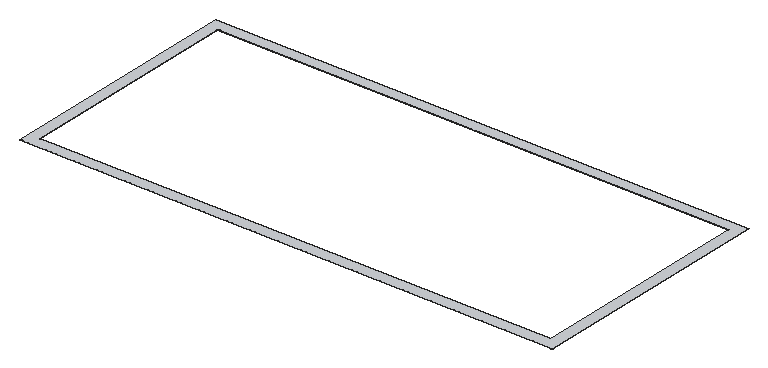
Revit family "测试-停车位", category 停车场, Revit 2018
Family settings
  基于工作平面 = 否
  总是垂直 = 是
  加载时剪切的空心 = 否
  共享 = 否
Parameters (values of type "停车位-实例")
  编号 [instance] = ""
  材质 = none
  停车场长度 [instance] = 2200 mm
  停车场宽度 [instance] = 4800 mm
  h = 2 mm
  a = 100 mm
Reference planes
  plane 1 "中心(前/后)": y = 0
  plane 2: z = 0
  plane 3 "中心(左/右)": x = 0
  plane 4: y = 1100
  plane 5: x = -2400
  plane 6: x = 2400
  plane 7: y = -1100
Forms (mm)
  Extrusion 1, solid, material <- "材质"
    sketch origin (0, 0, 0) x (1, 0, 0) y (0, 1, 0)
      loop
        line (-2400, 1100) -> (-2400, -1100) -> (2400, -1100) -> (2400, 1100) -> (-2400, 1100)
      loop
        line (-2300, 1000) -> (-2300, -1000) -> (2300, -1000) -> (2300, 1000) -> (-2300, 1000)
    from 0 to 2 <- "h"
Dimensions and locks
  equal spacing: plane 4, plane 1 "中心(前/后)", plane 7
  equal spacing: plane 5, plane 3 "中心(左/右)", plane 6
  "停车场宽度": plane 5 to plane 6
  "停车场长度": plane 4 to plane 7
  "a": Extrusion 1 sketch curve to Extrusion 1 sketch curve  (x4)
  aligned and locked: level to plane 2
  aligned and locked: Extrusion 1 sketch curve to plane 4
  aligned and locked: plane 5 to Extrusion 1 sketch curve
  aligned and locked: Extrusion 1 sketch curve to plane 7
  aligned and locked: Extrusion 1 sketch curve to plane 6
